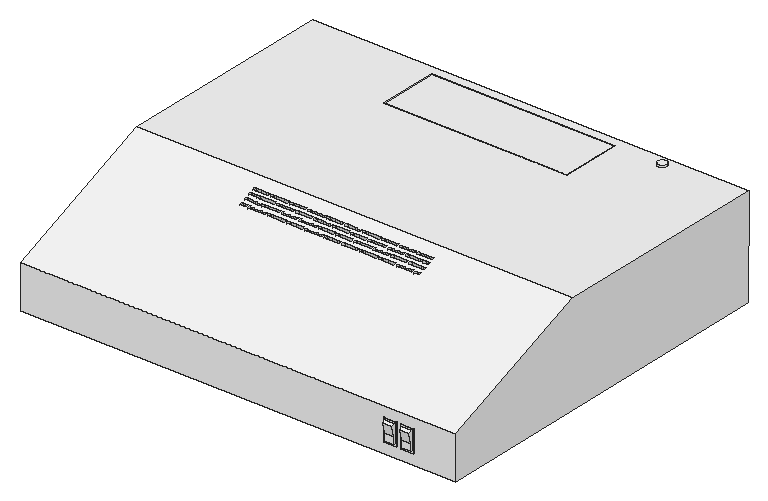
Revit family "QF_Summit_HC24WW_Under Cabinet Convertible Range Hood", category Specialty Equipment, Revit 2020 (continued)
Lines and regions (in)
  symbolic lines
    curve 153: spline (16.34287, -13.52702, 0) -> (16.36181, -13.52934, 0) -> (16.37947, -13.53615, 0) -> (16.39463, -13.54699, 0) -> (16.40626, -13.56111, 0) -> (16.41357, -13.57755, 0) -> (16.41607, -13.5952, 0) -> (16.41357, -13.61285, 0) -> (16.40626, -13.62929, 0) -> (16.39463, -13.64341, 0) -> (16.37947, -13.65425, 0) -> (16.36181, -13.66106, 0) -> (16.34287, -13.66338, 0)
    curve 154: line (16.34287, -13.05744, 0) -> (15.57454, -13.05744, 0)
    curve 155: spline (15.57454, -13.05744, 0) -> (15.55559, -13.05512, 0) -> (15.53794, -13.04831, 0) -> (15.52278, -13.03747, 0) -> (15.51114, -13.02335, 0) -> (15.50383, -13.00691, 0) -> (15.50134, -12.98926, 0) -> (15.50383, -12.97162, 0) -> (15.51114, -12.95517, 0) -> (15.52278, -12.94105, 0) -> (15.53794, -12.93022, 0) -> (15.55559, -12.9234, 0) -> (15.57454, -12.92108, 0)
    curve 156: line (15.57454, -12.92108, 0) -> (16.34287, -12.92108, 0)
    curve 157: spline (16.34287, -12.92108, 0) -> (16.36181, -12.9234, 0) -> (16.37947, -12.93022, 0) -> (16.39463, -12.94105, 0) -> (16.40626, -12.95517, 0) -> (16.41357, -12.97162, 0) -> (16.41607, -12.98926, 0) -> (16.41357, -13.00691, 0) -> (16.40626, -13.02335, 0) -> (16.39463, -13.03747, 0) -> (16.37947, -13.04831, 0) -> (16.36181, -13.05512, 0) -> (16.34287, -13.05744, 0)
    curve 158: line (16.74483, -12.77202, 0) -> (15.99213, -12.77202, 0)
    curve 159: spline (15.99213, -12.77202, 0) -> (15.97318, -12.7697, 0) -> (15.95553, -12.76289, 0) -> (15.94037, -12.75205, 0) -> (15.92873, -12.73793, 0) -> (15.92142, -12.72149, 0) -> (15.91893, -12.70384, 0) -> (15.92142, -12.6862, 0) -> (15.92873, -12.66975, 0) -> (15.94037, -12.65563, 0) -> (15.95553, -12.6448, 0) -> (15.97318, -12.63798, 0) -> (15.99213, -12.63566, 0)
    curve 160: line (15.99213, -12.63566, 0) -> (16.74483, -12.63566, 0)
    curve 161: spline (16.74483, -12.63566, 0) -> (16.76378, -12.63798, 0) -> (16.78143, -12.6448, 0) -> (16.79659, -12.65563, 0) -> (16.80823, -12.66975, 0) -> (16.81554, -12.6862, 0) -> (16.81803, -12.70384, 0) -> (16.81554, -12.72149, 0) -> (16.80823, -12.73793, 0) -> (16.79659, -12.75205, 0) -> (16.78143, -12.76289, 0) -> (16.76378, -12.7697, 0) -> (16.74483, -12.77202, 0)
    curve 162: line (15.99213, -13.21617, 0) -> (16.74483, -13.21617, 0)
    curve 163: spline (16.74483, -13.21617, 0) -> (16.76378, -13.2185, 0) -> (16.78143, -13.22531, 0) -> (16.79659, -13.23614, 0) -> (16.80823, -13.25027, 0) -> (16.81554, -13.26671, 0) -> (16.81803, -13.28436, 0) -> (16.81554, -13.302, 0) -> (16.80823, -13.31845, 0) -> (16.79659, -13.33257, 0) -> (16.78143, -13.3434, 0) -> (16.76378, -13.35021, 0) -> (16.74483, -13.35254, 0)
    curve 164: line (16.74483, -13.35254, 0) -> (15.99213, -13.35254, 0)
    curve 165: spline (15.99213, -13.35254, 0) -> (15.97318, -13.35021, 0) -> (15.95553, -13.3434, 0) -> (15.94037, -13.33257, 0) -> (15.92873, -13.31845, 0) -> (15.92142, -13.302, 0) -> (15.91893, -13.28436, 0) -> (15.92142, -13.26671, 0) -> (15.92873, -13.25027, 0) -> (15.94037, -13.23614, 0) -> (15.95553, -13.22531, 0) -> (15.97318, -13.2185, 0) -> (15.99213, -13.21617, 0)
    curve 166: line (16.54576, -13.52702, 0) -> (16.75159, -13.52702, 0)
    curve 167: spline (16.75159, -13.52702, 0) -> (16.77054, -13.52934, 0) -> (16.78819, -13.53615, 0) -> (16.80335, -13.54699, 0) -> (16.81498, -13.56111, 0) -> (16.8223, -13.57755, 0) -> (16.82479, -13.5952, 0) -> (16.8223, -13.61285, 0) -> (16.81498, -13.62929, 0) -> (16.80335, -13.64341, 0) -> (16.78819, -13.65425, 0) -> (16.77054, -13.66106, 0) -> (16.75159, -13.66338, 0)
    curve 168: line (16.75159, -13.66338, 0) -> (16.54576, -13.66338, 0)
    curve 169: spline (16.54576, -13.66338, 0) -> (16.52682, -13.66106, 0) -> (16.50916, -13.65425, 0) -> (16.494, -13.64341, 0) -> (16.48237, -13.62929, 0) -> (16.47506, -13.61285, 0) -> (16.47256, -13.5952, 0) -> (16.47506, -13.57755, 0) -> (16.48237, -13.56111, 0) -> (16.494, -13.54699, 0) -> (16.50916, -13.53615, 0) -> (16.52682, -13.52934, 0) -> (16.54576, -13.52702, 0)
    curve 170: line (16.75159, -13.05744, 0) -> (16.54576, -13.05744, 0)
    curve 171: spline (16.54576, -13.05744, 0) -> (16.52682, -13.05512, 0) -> (16.50916, -13.04831, 0) -> (16.494, -13.03747, 0) -> (16.48237, -13.02335, 0) -> (16.47506, -13.00691, 0) -> (16.47256, -12.98926, 0) -> (16.47506, -12.97162, 0) -> (16.48237, -12.95517, 0) -> (16.494, -12.94105, 0) -> (16.50916, -12.93022, 0) -> (16.52682, -12.9234, 0) -> (16.54576, -12.92108, 0)
    curve 172: line (16.54576, -12.92108, 0) -> (16.75159, -12.92108, 0)
    curve 173: spline (16.75159, -12.92108, 0) -> (16.77054, -12.9234, 0) -> (16.78819, -12.93022, 0) -> (16.80335, -12.94105, 0) -> (16.81498, -12.95517, 0) -> (16.8223, -12.97162, 0) -> (16.82479, -12.98926, 0) -> (16.8223, -13.00691, 0) -> (16.81498, -13.02335, 0) -> (16.80335, -13.03747, 0) -> (16.78819, -13.04831, 0) -> (16.77054, -13.05512, 0) -> (16.75159, -13.05744, 0)
Dimensions and locks (in)
  equal spacing: plane 3 "LEFT", plane 7 "Center Y", plane 4 "RIGHT"
  "Length": plane 3 "LEFT" to plane 4 "RIGHT"
  equal spacing: plane 5 "FRONT", plane 8 "Center X", plane 1 "BACK"
  "Depth": plane 5 "FRONT" to plane 1 "BACK"
  "Height": plane 6 "TOP" to level
  plane 9 to level = 2 3/8"
  plane 10 to plane 1 "BACK" = 12"
  plane 11 to plane 12 = 11 1/4"
  plane 7 "Center Y" to plane 13 = 7 5/8"
  plane 5 "FRONT" to plane 14 = 6"
  locked: plane 3 "LEFT" to plane 15 at 1.5
  locked: plane 16 to plane 4 "RIGHT" at 1.5
  plane 19 to plane 1 "BACK" = 1/2"
  plane 20 to plane 19 = 3 1/4"
  plane 22 to plane 23 = 10"
  aligned and locked: level to plane 2
  aligned and locked: Extrusion 2 to plane 4 "RIGHT"
  aligned and locked: plane 15 to Extrusion 1
  aligned and locked: plane 16 to Extrusion 3
  aligned and locked: Extrusion 3 to plane 4 "RIGHT"
  aligned and locked: Extrusion 2 to Extrusion 4
  aligned and locked: Extrusion 6 to Extrusion 5
  aligned and locked: cut or joined group 1 (Extrusion 1, Extrusion 2, Extrusion 3, Extrusion 4, Extrusion 5, Extrusion 6, Extrusion 7, Extrusion 8, Extrusion 9) to Extrusion 10
  aligned and locked: Extrusion 11 to plane 6 "TOP"
Automatic sketch dimensions
  plane 1 "BACK" to curve 1 = 0"
  curve 1 to plane 3 "LEFT" = 0"
  curve 4 to plane 4 "RIGHT" = 0"
  plane 5 "FRONT" to curve 1 = 0"
  curve 2 to plane 10 = 0"
  curve 6 to plane 22 = 0.07362"
  curve 16 to plane 22 = 0.07362"
  curve 21 to plane 22 = 0.07362"
  curve 13 to plane 22 = 0.07362"
  curve 12 to curve 13 = 0.22927"
  curve 19 to curve 19 = 0.22927"
  curve 18 to curve 22 = 0.20664"
  curve 10 to curve 28 = 0.20664"
  curve 26 to curve 14 = 0.31679"
  curve 27 to curve 6 = 0.31679"
  curve 7 to curve 32 = 51/256"
  curve 15 to curve 38 = 51/256"
  curve 30 to curve 28 = 0.34607"
  curve 41 to curve 24 = 0.34607"
  curve 29 to curve 34 = 0.19575"
  curve 23 to curve 42 = 0.19575"
  curve 37 to curve 30 = 0.32027"
  curve 36 to curve 38 = 0.32027"
  curve 33 to curve 52 = 0.19575"
  curve 39 to curve 46 = 0.19575"
  curve 48 to curve 42 = 0.34607"
  curve 49 to curve 36 = 0.34607"
  curve 36 to curve 58 = 0.20509"
  curve 43 to curve 54 = 0.20509"
  curve 59 to curve 52 = 0.20155"
  curve 59 to curve 46 = 0.20155"
  curve 50 to curve 62 = 0.22071"
  curve 46 to curve 66 = 0.22071"
  curve 62 to curve 60 = 0.34607"
  curve 68 to curve 54 = 0.34607"
  curve 61 to curve 70 = 0.19575"
  curve 55 to curve 82 = 0.19575"
  curve 72 to curve 66 = 0.32027"
  curve 73 to curve 62 = 0.32027"
  curve 67 to curve 78 = 0.19575"
  curve 65 to curve 76 = 0.19575"
  curve 81 to curve 82 = 0.34607"
  curve 74 to curve 70 = 0.34607"
  curve 83 to curve 88 = 0.21604"
  curve 71 to curve 96 = 0.21604"
  curve 78 to plane 7 "Center Y" = 0.13267"
  curve 74 to plane 7 "Center Y" = 0.13267"
  plane 7 "Center Y" to curve 92 = 0.08338"
  plane 7 "Center Y" to curve 100 = 0.08338"
  curve 92 to curve 86 = 0.34607"
  curve 100 to curve 94 = 0.34607"
  curve 87 to curve 108 = 0.20509"
  curve 95 to curve 102 = 0.20509"
  curve 104 to curve 90 = 0.20155"
  curve 105 to curve 100 = 0.20155"
  curve 91 to curve 110 = 0.22071"
  curve 99 to curve 114 = 0.22071"
  curve 110 to curve 106 = 0.34607"
  curve 116 to curve 102 = 0.34607"
  curve 104 to curve 120 = 0.19575"
  curve 107 to curve 122 = 0.19575"
  curve 121 to curve 116 = 0.32027"
  curve 125 to curve 110 = 0.32027"
  curve 115 to curve 130 = 0.19575"
  curve 112 to curve 126 = 0.19575"
  curve 128 to curve 122 = 0.34607"
  curve 126 to curve 120 = 0.34607"
  curve 123 to curve 136 = 0.1994"
  curve 119 to curve 138 = 0.22595"
  curve 139 to curve 130 = 0.18068"
  curve 138 to curve 126 = 0.18068"
  curve 130 to curve 142 = 0.21604"
  curve 127 to curve 146 = 0.21604"
  curve 142 to curve 140 = 0.34607"
  curve 148 to curve 134 = 0.34607"
  curve 134 to curve 150 = 0.20509"
  curve 138 to curve 154 = 0.20509"
  curve 154 to curve 146 = 0.20155"
  curve 155 to curve 142 = 0.20155"
  curve 147 to curve 164 = 0.21604"
  curve 145 to curve 160 = 0.21604"
  curve 158 to curve 156 = 0.35074"
  curve 165 to curve 152 = 0.35074"
  curve 154 to curve 170 = 0.20289"
  curve 150 to curve 168 = 0.20289"
  curve 158 to plane 23 = 0.19517"
  curve 164 to plane 23 = 0.19517"
  curve 168 to plane 23 = 0.18841"
  curve 163 to curve 170 = 0.00676"
  plane 14 to curve 19 = 0.334"
  plane 14 to curve 88 = 0.33662"
  plane 14 to curve 168 = 0.33662"
  plane 14 to curve 84 = 0.33662"
  plane 14 to curve 124 = 0.33662"
  curve 87 to curve 108 = 0"
  plane 14 to curve 134 = 0.33662"
  plane 14 to curve 56 = 0.33662"
  plane 14 to curve 44 = 0.33662"
  curve 150 to curve 169 = 0"
  curve 18 to curve 24 = 0.00261"
  curve 19 to curve 21 = 0.13636"
  curve 108 to curve 106 = 0.13636"
  curve 25 to curve 22 = 0.13636"
  curve 150 to curve 152 = 0.13636"
  curve 55 to curve 54 = 0.13636"
  curve 135 to curve 136 = 0.13636"
  curve 123 to curve 122 = 0.13636"
  curve 45 to curve 42 = 0.13636"
  curve 85 to curve 82 = 0.13636"
  curve 87 to curve 86 = 0.13636"
  curve 167 to curve 166 = 0.13636"
  curve 57 to curve 48 = 0.17448"
  curve 25 to curve 16 = 0.17448"
  curve 83 to curve 80 = 0.24266"
  curve 109 to curve 92 = 0.17448"
  curve 15 to curve 40 = 0"
  curve 47 to curve 68 = 0"
  curve 167 to curve 164 = 0.17448"
  curve 91 to curve 110 = 0"
  curve 148 to curve 165 = 0"
  curve 128 to curve 149 = 0"
  curve 40 to curve 38 = 0.13636"
  curve 113 to curve 112 = 0.13636"
  curve 80 to curve 78 = 0.13636"
  curve 127 to curve 126 = 0.13636"
  curve 148 to curve 146 = 0.13636"
  curve 69 to curve 66 = 0.13636"
  curve 91 to curve 90 = 0.13636"
  curve 164 to curve 162 = 0.13636"
  curve 47 to curve 46 = 0.13636"
  curve 16 to curve 14 = 0.13636"
  curve 165 to curve 154 = 0.15873"
  curve 17 to curve 11 = 0.15873"
  curve 69 to curve 58 = 0.15873"
  curve 41 to curve 26 = 0.15873"
  curve 81 to curve 72 = 0.15873"
  curve 138 to curve 155 = 0"
  curve 93 to curve 96 = 0.15873"
  curve 120 to curve 139 = 0"
  curve 163 to curve 170 = 0.15873"
  curve 26 to curve 36 = 0"
  curve 95 to curve 104 = 0"
  curve 10 to curve 13 = 0.13636"
  curve 120 to curve 118 = 0.13636"
  curve 103 to curve 102 = 0.13636"
  curve 141 to curve 140 = 0.13636"
  curve 35 to curve 34 = 0.13636"
  curve 71 to curve 70 = 0.13636"
  curve 173 to curve 172 = 0.13636"
  curve 58 to curve 60 = 0.13636"
  curve 157 to curve 156 = 0.13636"
  curve 97 to curve 94 = 0.13636"
  curve 29 to curve 28 = 0.13636"
  curve 119 to curve 130 = 0.21724"
  curve 73 to curve 62 = 0.14906"
  curve 173 to curve 158 = 0.14906"
  curve 37 to curve 30 = 0.14906"
  curve 8 to curve 31 = 0"
  curve 105 to curve 100 = 0.14906"
  curve 74 to curve 101 = 0"
  curve 142 to curve 159 = 0"
  curve 116 to curve 131 = 0"
  curve 50 to curve 62 = 0"
  curve 65 to curve 64 = 0.13636"
  curve 158 to curve 160 = 0.13636"
  curve 130 to curve 132 = 0.13636"
  curve 115 to curve 114 = 0.13636"
  curve 74 to curve 76 = 0.13636"
  curve 30 to curve 32 = 0.13636"
  curve 53 to curve 52 = 0.13636"
  curve 7 to curve 6 = 0.13636"
  curve 142 to curve 144 = 0.13636"
  curve 100 to curve 98 = 0.13636"
  curve 17 to plane 22 = 0.00042"
  curve 9 to plane 22 = 0.00042"
  curve 12 to plane 22 = 0.00042"
  curve 20 to plane 22 = 0.00042"
  curve 10 to curve 10 = 0.0732"
  curve 18 to curve 18 = 0.0732"
  curve 27 to curve 27 = 0.0732"
  curve 25 to curve 25 = 0.0732"
  curve 15 to curve 15 = 0.0732"
  curve 7 to curve 7 = 0.0732"
  curve 31 to curve 31 = 0.0732"
  curve 41 to curve 41 = 0.0732"
  curve 23 to curve 23 = 0.0732"
  curve 29 to curve 29 = 0.0732"
  curve 37 to curve 37 = 0.0732"
  curve 45 to curve 45 = 0.0732"
  curve 33 to curve 33 = 0.0732"
  curve 39 to curve 39 = 0.0732"
  curve 49 to curve 49 = 0.0732"
  curve 51 to curve 51 = 0.0732"
  curve 43 to curve 43 = 0.0732"
  curve 35 to curve 35 = 0.0732"
  curve 57 to curve 57 = 0.0732"
  curve 59 to curve 59 = 0.0732"
  curve 47 to curve 47 = 0.0732"
  curve 53 to curve 53 = 0.0732"
  curve 63 to curve 63 = 0.0732"
  curve 69 to curve 69 = 0.0732"
  curve 55 to curve 55 = 0.0732"
  curve 61 to curve 61 = 0.0732"
  curve 73 to curve 73 = 0.0732"
  curve 85 to curve 85 = 0.0732"
  curve 67 to curve 67 = 0.0732"
  curve 65 to curve 65 = 0.0732"
  curve 81 to curve 81 = 0.0732"
  curve 75 to curve 75 = 0.0732"
  curve 71 to curve 71 = 0.0732"
  curve 83 to curve 83 = 0.0732"
  curve 97 to curve 97 = 0.0732"
  curve 89 to curve 89 = 0.0732"
  curve 79 to curve 79 = 0.0732"
  curve 77 to curve 77 = 0.0732"
  plane 7 "Center Y" to curve 93 = 0.01018"
  plane 7 "Center Y" to curve 101 = 0.01018"
  curve 87 to curve 87 = 0.0732"
  curve 95 to curve 95 = 0.0732"
  curve 109 to curve 109 = 0.0732"
  curve 105 to curve 105 = 0.0732"
  curve 91 to curve 91 = 0.0732"
  curve 99 to curve 99 = 0.0732"
  curve 111 to curve 111 = 0.0732"
  curve 117 to curve 117 = 0.0732"
  curve 107 to curve 107 = 0.0732"
  curve 103 to curve 103 = 0.0732"
  curve 121 to curve 121 = 0.0732"
  curve 125 to curve 125 = 0.0732"
  curve 113 to curve 113 = 0.0732"
  curve 115 to curve 115 = 0.0732"
  curve 129 to curve 129 = 0.0732"
  curve 131 to curve 131 = 0.0732"
  curve 123 to curve 123 = 0.0732"
  curve 119 to curve 119 = 0.0732"
  curve 135 to curve 135 = 0.0732"
  curve 139 to curve 139 = 0.0732"
  curve 133 to curve 133 = 0.0732"
  curve 127 to curve 127 = 0.0732"
  curve 143 to curve 143 = 0.0732"
  curve 149 to curve 149 = 0.0732"
  curve 137 to curve 137 = 0.0732"
  curve 141 to curve 141 = 0.0732"
  curve 151 to curve 151 = 0.0732"
  curve 155 to curve 155 = 0.0732"
  curve 147 to curve 147 = 0.0732"
  curve 145 to curve 145 = 0.0732"
  curve 165 to curve 165 = 0.0732"
  curve 159 to curve 159 = 0.0732"
  curve 157 to curve 157 = 0.0732"
  curve 153 to curve 153 = 0.0732"
  curve 169 to curve 169 = 0.0732"
  curve 171 to curve 171 = 0.0732"
  curve 161 to curve 161 = 0.0732"
  curve 163 to curve 163 = 0.0732"
  curve 173 to curve 173 = 0.0732"
  curve 167 to curve 167 = 0.0732"
  Extrusion 1 sketch curve to plane 5 "FRONT" = 0"
  Extrusion 1 sketch curve to plane 6 "TOP" = 0"
  Extrusion 1 sketch curve to plane 10 = 0"
  Extrusion 1 sketch curve to level = 0"
  Extrusion 1 sketch curve to plane 1 "BACK" = 0"
  Extrusion 1 sketch curve to plane 9 = 0"
  Extrusion 2 sketch curve to level = 0"  (x2)
  Extrusion 2 sketch curve to plane 5 "FRONT" = 0"
  Extrusion 2 sketch curve to plane 14 = 0"
  Extrusion 2 sketch curve to plane 6 "TOP" = 0"
  Extrusion 2 sketch curve to plane 10 = 0"
  Extrusion 2 sketch curve to plane 19 = 0"
  Extrusion 2 sketch curve to plane 1 "BACK" = 0"
  Extrusion 2 sketch curve to plane 9 = 0"
  Extrusion 2 sketch curve to plane 6 "TOP" = 0.07428"
  Extrusion 2 sketch curve to plane 8 "Center X" = 0.81598"
  Extrusion 2 sketch curve to plane 6 "TOP" = 1.31804"
  Extrusion 3 sketch curve to plane 5 "FRONT" = 0"
  Extrusion 3 sketch curve to plane 6 "TOP" = 0"
  Extrusion 3 sketch curve to plane 10 = 0"
  Extrusion 3 sketch curve to level = 0"
  Extrusion 3 sketch curve to plane 1 "BACK" = 0"
  Extrusion 3 sketch curve to plane 9 = 0"
  Extrusion 1 to Extrusion 4 sketch curve = 0.68244"  (x2)
  Extrusion 4 sketch curve to Extrusion 4 sketch curve = 0"  (x27)
  Extrusion 4 sketch curve to Extrusion 4 sketch curve = 0.0732"  (x42)
  Extrusion 4 sketch curve to Extrusion 4 sketch curve = 0.16003"  (x6)
  Extrusion 4 sketch curve to Extrusion 4 sketch curve = 0.17041"  (x5)
  Extrusion 4 sketch curve to Extrusion 4 sketch curve = 0.18732"  (x4)
  Extrusion 4 sketch curve to Extrusion 4 sketch curve = 0.00281"
  Extrusion 1 to Extrusion 4 sketch curve = 15.25159"
  Extrusion 4 sketch curve to Extrusion 4 sketch curve = 0.00676"  (x2)
  Extrusion 4 sketch curve to Extrusion 4 sketch curve = 0.20583"  (x2)
  Extrusion 4 sketch curve to Extrusion 4 sketch curve = 0.20289"  (x2)
  Extrusion 4 sketch curve to Extrusion 4 sketch curve = 0.35074"  (x2)
  Extrusion 4 sketch curve to Extrusion 4 sketch curve = 0.21604"  (x8)
  Extrusion 4 sketch curve to Extrusion 4 sketch curve = 0.20155"  (x6)
  Extrusion 4 sketch curve to Extrusion 4 sketch curve = 0.20509"  (x6)
  Extrusion 4 sketch curve to Extrusion 4 sketch curve = 0.34607"  (x16)
  Extrusion 4 sketch curve to Extrusion 4 sketch curve = 0.18068"
  Extrusion 4 sketch curve to Extrusion 4 sketch curve = 0.20724"
  Extrusion 4 sketch curve to Extrusion 4 sketch curve = 0.22595"
  Extrusion 4 sketch curve to Extrusion 4 sketch curve = 0.1994"
  Extrusion 4 sketch curve to Extrusion 4 sketch curve = 0.19575"  (x12)
  Extrusion 4 sketch curve to Extrusion 4 sketch curve = 0.32027"  (x6)
  Extrusion 4 sketch curve to Extrusion 4 sketch curve = 0.22071"  (x4)
  Extrusion 4 sketch curve to Extrusion 4 sketch curve = 0.19059"  (x2)
  Extrusion 4 sketch curve to Extrusion 4 sketch curve = 51/256"  (x2)
  Extrusion 4 sketch curve to Extrusion 4 sketch curve = 0.31679"  (x2)
  Extrusion 4 sketch curve to Extrusion 4 sketch curve = 0.20664"  (x2)
  Extrusion 4 sketch curve to Extrusion 4 sketch curve = 0.22927"  (x2)
  plane 20 to Extrusion 5 sketch curve = 0"
  Extrusion 5 sketch curve to plane 7 "Center Y" = 0"
  Extrusion 5 sketch curve to plane 22 = 1 1/2"
  plane 20 to Extrusion 6 sketch curve = 0"
  Extrusion 6 sketch curve to plane 22 = 0"
  Extrusion 6 sketch curve to plane 23 = 0"
  plane 19 to Extrusion 6 sketch curve = 0"
  Extrusion 6 sketch curve to plane 22 = 1/4"
  Extrusion 6 sketch curve to plane 23 = 1/4"
  Extrusion 6 sketch curve to plane 20 = 1/4"
  plane 19 to Extrusion 6 sketch curve = 1/4"
  Extrusion 7 sketch curve to plane 11 = 0"
  Extrusion 7 sketch curve to plane 12 = 0"
  Extrusion 7 sketch curve to plane 14 = 0"
  plane 19 to Extrusion 7 sketch curve = 0"
  Extrusion 7 sketch curve to plane 11 = 1/4"
  Extrusion 7 sketch curve to plane 12 = 1/4"
  plane 14 to Extrusion 7 sketch curve = 1/4"
  plane 19 to Extrusion 7 sketch curve = 1/4"
  Extrusion 8 sketch curve to Extrusion 2 = 0"  (x4)
  Extrusion 2 to Extrusion 8 sketch curve = 0.15581"
  Extrusion 8 sketch curve to Extrusion 2 = 0.08943"
  Extrusion 9 sketch curve to Extrusion 6 = 0"  (x4)
  Extrusion 1 to Extrusion 10 sketch curve = 3 3/4"
  Extrusion 1 to Extrusion 10 sketch curve = 1/2"
  Extrusion 10 sketch curve to Extrusion 1 = 15.44"
  Extrusion 10 sketch curve to Extrusion 1 = 5.44"
  Extrusion 11 sketch curve to plane 13 = 0"
  plane 19 to Extrusion 11 sketch curve = 0"
  Extrusion 12 sketch curve to Extrusion 1 = 19/32"  (x2)
  Extrusion 1 to Extrusion 12 sketch curve = 19/32"  (x2)
  Extrusion 12 sketch curve to Extrusion 1 = 20.07157"
  Extrusion 12 sketch curve to Extrusion 12 sketch curve = 0.70845"  (x2)
  Extrusion 12 sketch curve to Extrusion 12 sketch curve = 0.22905"
  plane 5 "FRONT" to Extrusion 13 sketch curve = 0.22258"
  plane 5 "FRONT" to Extrusion 13 sketch curve = 0.09635"
  plane 5 "FRONT" to Extrusion 13 sketch curve = 0.04539"
  level to Extrusion 13 sketch curve = 0.69669"
  Extrusion 13 sketch curve to Extrusion 13 sketch curve = 0.38074"
  Extrusion 13 sketch curve to Extrusion 13 sketch curve = 0.54678"
  Extrusion 13 sketch curve to Extrusion 13 sketch curve = 0.08263"
  plane 5 "FRONT" to Extrusion 14 sketch curve = 0.22258"
  plane 5 "FRONT" to Extrusion 14 sketch curve = 0.09635"
  plane 5 "FRONT" to Extrusion 14 sketch curve = 0.04539"
  level to Extrusion 14 sketch curve = 0.69669"
  Extrusion 14 sketch curve to Extrusion 14 sketch curve = 0.38074"
  Extrusion 14 sketch curve to Extrusion 14 sketch curve = 0.54678"
  Extrusion 14 sketch curve to Extrusion 14 sketch curve = 0.08263"
  radius of Extrusion 11 sketch curve = 1/4"
Connectors (in)
  hvac at (11.94, -2.125, 5.5)
    settings: on cut or joined group 1, index 1, duct flow 0 CFM, flow factor 0, pres drop 0.00 in-wg, loss coef 0, conn angle 0.00°, conn width 10", conn height 3 1/4", conn diameter 24", duct sys type 1, conn prof type 1, flow config 0, flow direction 0, loss method 0, conn ref index -1, conn util no, is conn primary yes, conn desc ""
  electrical at (19.565, -0.5, 5.57173), driven by "Volts", driven by "Apparent Power"
    settings: on Extrusion 11, index 2, voltage 115 V, apparent load 195.5 VA, apparent load phase1 0 VA, apparent load phase2 0 VA, apparent load phase3 0 VA, power factor 1, load classification "Other", number of poles 1, system type 30, power factor state 1, is connector primary yes, connector utility no, sub classification motor no, connector description "Electrical Inlet"
